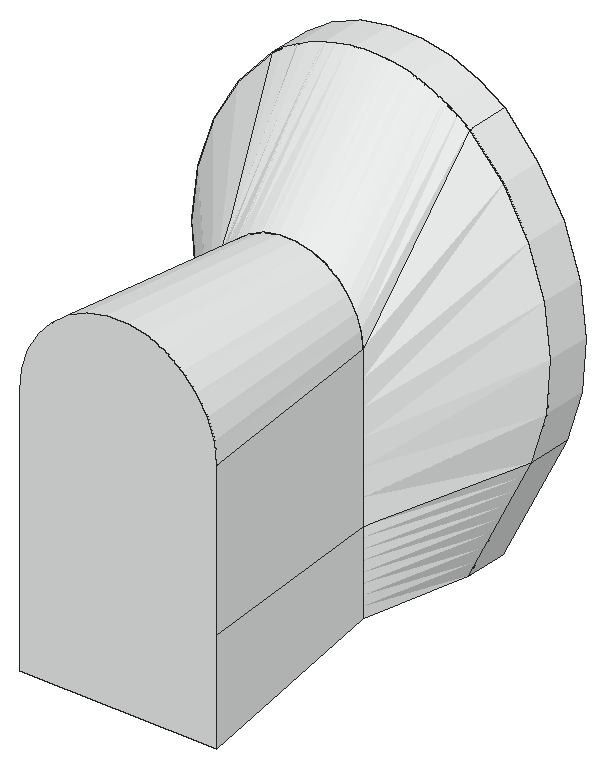
Revit family "Bacia_Val", category Plumbing Fixtures, host Face, Revit 2020
Family settings
  Host = Face
  Round Connector Dimension = Use Radius
  Part Type = Normal
  Cut with Voids When Loaded = No
  Shared = No
  Room Calculation Point = No
Parameters
  WFU = 0
  URL = ""
  Raio Água Fria = 20 mm  # constant formula
  Raio Ponto de Esgoto = 50 mm  # constant formula
  Pressão = "2 a 40 mca"  # constant formula
  Model = ""
  Material Bacia = CT_Louças_Sanitárias
  Manufacturer = ""
  Flow Pressure = 0.00 psi
  Diâmetro Água Fria = Raio Água Fria * 2  # 40 mm
  Diâmetro Ponto de Esgoto = Raio Ponto de Esgoto * 2  # 100 mm
  Description = "Bacia sanitária Válvula de pressão"
  Default Elevation = 0 mm
  Código = ""
  Consumo = "6 lpf"  # constant formula
  CWFU = 0
  Assembly Code = "D2010110"
  Acompanha o Produto = ""
Reference planes
  plane 1 "Center (Front/Back)": y = 0
  plane 2: z = 0
  plane 3 "Center (Left/Right)": x = 0
  plane 4 "Top 2": y = 380
  plane 5 "Front 3": z = 573.75
  plane 6 "Front 1": z = 100
  plane 7 "Left 1": x = -187.322
  plane 8 "Right 1": x = 187.322
  plane 9 "Front 2": z = 260.003
  plane 10 "Top 1": y = 330
Forms (mm)
  Extrusion 1, solid, material "CT_Louças_Sanitárias" <- "Material Bacia", not visible
    sketch origin (0, 0, 122.514) x (1, 0, 0) y (0, 0, 1)
      loop
        circle (0, 137.486) r 50
    from 0 to -5.298
  Extrusion 2, solid, material "CT_Louças_Sanitárias" <- "Material Bacia", not visible
    sketch origin (0, 0, 0) x (1, 0, 0) y (0, 1, 0)
      loop
        circle (0, 330) r 19.05
    from 0 to -7.354
  Blend 3, solid, material "CT_Louças_Sanitárias" <- "Material Bacia"
    base sketch origin (0, 0, 0) x (1, 0, 0) y (0, 0, 1)
      loop
        line (-102.9, 368.106) -> (-102.9, 206.479) -> (-102.9, 106.479) -> (102.9, 106.479) -> (102.9, 212.233) -> (102.9, 370.942)
        arc (102.9, 370.942) -> (-1.398, 471.016) -> (-102.9, 368.106) r 102.919
    top sketch origin (0, 0, 0) x (1, 0, 0) y (0, 0, 1)
      loop
        line (-78.166, 373.106) -> (-78.166, 208.148) -> (-78.166, 122.542) -> (78.166, 122.542) -> (78.166, 208.148) -> (78.166, 373.106)
        arc (78.166, 373.106) -> (0, 451.272) -> (-78.166, 373.106) r 78.166
    from 0 to -220.356
  Blend 4, solid, material "CT_Louças_Sanitárias" <- "Material Bacia"
    base sketch origin (0, 0, 0) x (1, 0, 0) y (0, 0, 1)
      loop
        line (-78.166, 373.106) -> (-78.166, 208.148) -> (-78.166, 122.542) -> (78.166, 122.542) -> (78.166, 208.148) -> (78.166, 373.106)
        arc (78.166, 373.106) -> (0, 451.272) -> (-78.166, 373.106) r 78.166
    top sketch origin (0, 0, 0) x (1, 0, 0) y (0, 0, 1)
      loop
        arc (167.737, 251.688) -> (181.279, 406.351) -> (102.635, 540.212) r 255.054
        arc (102.635, 540.212) -> (0, 576.532) -> (-102.635, 540.212) r 163.175
        arc (-102.635, 540.212) -> (-181.279, 406.351) -> (-167.737, 251.688) r 255.054
        line (-167.737, 251.688) -> (-101.412, 122.542) -> (101.412, 122.542) -> (167.737, 251.688)
    from -220.356 to -329.579
  Extrusion 5, solid, material "CT_Louças_Sanitárias" <- "Material Bacia"
    sketch origin (0, 0, 0) x (1, 0, 0) y (0, 0, 1)
      loop
        arc (-102.635, 540.212) -> (-181.279, 406.351) -> (-167.737, 251.688) r 255.054
        line (-167.737, 251.688) -> (-101.412, 122.542) -> (101.412, 122.542) -> (167.737, 251.688)
        arc (167.737, 251.688) -> (181.279, 406.351) -> (102.635, 540.212) r 255.054
        arc (102.635, 540.212) -> (0, 576.532) -> (-102.635, 540.212) r 163.175
      loop
        arc (-70.243, 502.095) -> (-137.534, 350.065) -> (-70.025, 198.131) r 205.054
        arc (-70.025, 198.131) -> (0, 173.231) -> (70.025, 198.131) r 110.912
        arc (70.025, 198.131) -> (137.534, 350.065) -> (70.243, 502.095) r 205.054
        arc (70.243, 502.095) -> (0, 526.532) -> (-70.243, 502.095) r 113.175
    from -375 to -329.579
Lines and regions (mm)
  Masking region 1
    outline origin (0, 858.346, -21.126) x (0, 1, 0) y (0, 0, 1)
      loop
        arc (-646.235, 494.127) -> (-676.865, 475.541) -> (-712.546, 472.297) r 79.476
        line (-712.546, 472.297) -> (-853.719, 491.713)
        arc (-853.719, 491.713) -> (-856.668, 491.001) -> (-858.346, 488.473) r 4.154
        line (-858.346, 488.473) -> (-858.346, 128.473)
        arc (-858.346, 128.473) -> (-857.318, 125.991) -> (-854.835, 124.962) r 3.511
        line (-854.835, 124.962) -> (-679.276, 135.502)
        arc (-679.276, 135.502) -> (-658.714, 139.719) -> (-640.163, 149.54) r 74
        arc (-640.163, 149.54) -> (-637.452, 150.916) -> (-634.452, 151.415) r 10.004
        line (-634.452, 151.415) -> (-565.007, 151.415)
        arc (-565.007, 151.415) -> (-564.686, 148.634) -> (-562.211, 147.328) r 3
        line (-562.211, 147.328) -> (-481.196, 147.328)
        arc (-481.196, 147.328) -> (-479.181, 148.163) -> (-478.346, 150.178) r 2.85
        line (-478.346, 150.178) -> (-478.346, 593.057)
        arc (-478.346, 593.057) -> (-479.254, 595.249) -> (-481.445, 596.156) r 3.099
        arc (-481.445, 596.156) -> (-572.237, 558.703) -> (-646.235, 494.127) r 302.364
  Masking region 2
    outline origin (-747.05, -8.528, 0) x (1, 0, 0) y (0, 1, 0)
      loop
        line (647.88, 8.528) -> (747.05, 8.528) -> (846.22, 8.528)
        arc (846.22, 8.528) -> (849.234, 10.17) -> (849.811, 13.554) r 3.933
        line (849.811, 13.554) -> (847.538, 29.616) -> (845.915, 34.925) -> (825.517, 179.067)
        arc (825.517, 179.067) -> (826.577, 196.52) -> (834.386, 212.165) r 43.751
        arc (834.386, 212.165) -> (896.668, 291.728) -> (934.586, 385.383) r 362.734
        arc (934.586, 385.383) -> (933.814, 387.46) -> (931.872, 388.528) r 3.179
        line (931.872, 388.528) -> (747.05, 388.528) -> (562.228, 388.528)
        arc (562.228, 388.528) -> (560.286, 387.46) -> (559.514, 385.383) r 3.179
        arc (559.514, 385.383) -> (597.433, 291.728) -> (659.714, 212.165) r 362.734
        arc (659.714, 212.165) -> (667.524, 196.52) -> (668.583, 179.067) r 43.751
        line (668.583, 179.067) -> (648.185, 34.925) -> (646.562, 29.616) -> (644.289, 13.554)
        arc (644.289, 13.554) -> (644.866, 10.17) -> (647.88, 8.528) r 3.933
  Masking region 3
    outline origin (0, 330, 0) x (-1, 0, 0) y (0, 0, 1)
      loop
        arc (107.126, 133.655) -> (146.468, 206.339) -> (176.858, 283.196) r 691.544
        arc (176.858, 283.196) -> (188.038, 353.196) -> (176.858, 423.196) r 224.734
        arc (176.858, 423.196) -> (142.268, 490.784) -> (88.572, 544.462) r 243.914
        arc (88.572, 544.462) -> (2.006, 573.263) -> (-85.302, 546.795) r 150.581
        arc (-85.302, 546.795) -> (-141.074, 492.401) -> (-176.851, 423.196) r 243.914
        arc (-176.851, 423.196) -> (-188.031, 353.196) -> (-176.851, 283.196) r 224.734
        arc (-176.851, 283.196) -> (-146.461, 206.339) -> (-107.119, 133.655) r 691.544
        arc (-107.119, 133.655) -> (-96.974, 125.83) -> (-84.578, 122.59) r 32.133
        line (-84.578, 122.59) -> (-74.586, 122.59)
        arc (-74.586, 122.59) -> (-62.545, 110.932) -> (-47.022, 104.614) r 44.069
        arc (-47.022, 104.614) -> (0.003, 100.008) -> (47.029, 104.613) r 242.379
        arc (47.029, 104.613) -> (62.552, 110.932) -> (74.594, 122.59) r 44.069
        line (74.594, 122.59) -> (81.058, 122.59)
        arc (81.058, 122.59) -> (95.377, 125.096) -> (107.126, 133.655) r 32.133
  symbolic lines
    curve 1: arc (-24.727, 0, 103.174) -> (-35.584, 0, 109.273) -> (-39.889, 0, 120.957) r 18.01
    curve 2: arc (24.991, 0, 103.174) -> (0.132, 0, 101.197) -> (-24.727, 0, 103.174) r 157.242
    curve 3: arc (40.154, 0, 120.957) -> (35.849, 0, 109.273) -> (24.991, 0, 103.174) r 18.01
    curve 4: line (-74.458, 0, 122.542) -> (74.54, 0, 122.542)
    curve 5: line (-39.889, 0, 120.957) -> (-39.889, 0, 122.542)
    curve 6: line (40.154, 0, 120.957) -> (40.154, 0, 122.542)
    curve 7: arc (0, 367, 126.078) -> (0, 364.879, 126.957) -> (0, 364, 129.078) r 3
    curve 8: line (0, 364, 220.731) -> (0, 364, 129.078)
    curve 9: line (0, 294.127, 196.205) -> (0, 294.127, 145.111)
    curve 10: line (0, 294.127, 145.111) -> (0, 234.854, 145.111)
    curve 11: arc (0, 248.635, 188.119) -> (0, 245.106, 165.538) -> (0, 234.854, 145.111) r 74
    curve 12: arc (0, 225.89, 241.495) -> (0, 242.712, 217.129) -> (0, 248.635, 188.119) r 74
    curve 13: line (0, 267.161, 221.081) -> (0, 294.127, 196.205)
    curve 14: arc (0, 234.372, 231.794) -> (0, 195.251, 269.713) -> (0, 153.45, 304.656) r 741.271
    curve 15: arc (0, 153.45, 304.656) -> (0, 152.939, 307.258) -> (0, 155.448, 308.117) r 2.016
    curve 16: arc (0, 155.448, 308.117) -> (0, 213.117, 266.925) -> (0, 267.161, 221.081) r 851.615
    curve 17: arc (0, 155.448, 308.117) -> (0, 145.743, 312.555) -> (0, 135.161, 313.934) r 35.78
    curve 18: arc (0, 135.161, 313.934) -> (0, 104.536, 314.293) -> (0, 74.206, 310.036) r 202.747
    curve 19: line (0, 74.206, 310.036) -> (0, 29.316, 306.896)
    curve 20: line (0, 29.316, 306.896) -> (0, 29.316, 205.995)
    curve 21: arc (0, 29.316, 205.995) -> (0, 34.972, 182.434) -> (0, 50.709, 164.008) r 51.899
    curve 22: arc (0, 50.709, 164.008) -> (0, 71.476, 152.018) -> (0, 94.282, 144.608) r 114.704
    curve 23: arc (0, 94.282, 144.608) -> (0, 67.619, 151.774) -> (0, 44.453, 166.794) r 88.677
    curve 24: arc (0, 44.453, 166.794) -> (0, 30.469, 186.01) -> (0, 25.545, 209.26) r 56.947
    curve 25: line (0, 25.545, 209.26) -> (0, 25.545, 331.649)
    curve 26: line (0, 173.526, 192.687) -> (0, 99.932, 254.275)
    curve 27: arc (0, 99.932, 254.275) -> (0, 77.982, 279.119) -> (0, 64.374, 309.348) r 110.677
    curve 28: arc (0, 98.089, 230.708) -> (0, 66.54, 265.51) -> (0, 46.762, 308.116) r 156.231
    curve 29: line (0, 98.089, 230.708) -> (0, 145.351, 192.495)
    curve 30: arc (0, 145.351, 192.495) -> (0, 157.169, 185.948) -> (0, 170.512, 183.825) r 39.009
    curve 31: arc (0, 170.512, 183.825) -> (0, 175.056, 187.224) -> (0, 173.526, 192.687) r 5.018
    curve 32: line (0, 25.545, 209.26) -> (0, 25.545, 139.26)
    curve 33: arc (0, 25.545, 139.26) -> (0, 35.002, 116.43) -> (0, 57.832, 106.973) r 32.286
    curve 34: arc (-45.953, 170.56, 0) -> (0.012, 164.446, 0) -> (45.976, 170.56, 0) r 175.828
Dimensions and locks
  plane 4 "Top 2" to plane 1 "Center (Front/Back)" = 380 mm
  plane 5 "Front 3" to plane 2 = 573.75 mm
  plane 1 "Center (Front/Back)" to plane 4 "Top 2" = 380 mm
  plane 5 "Front 3" to plane 6 "Front 1" to host face = 473.75 mm, 100 mm  (x2)
  plane 5 "Front 3" to host face = 573.75 mm
  plane 7 "Left 1" to plane 8 "Right 1" = 374.644 mm  (x2)
  aligned and locked: host face to plane 2
  aligned and locked: level to host face
Connectors
  piping at (0, 0, 260), diameter 100, driven by "Raio Ponto de Esgoto", driven by "WFU"
    settings: on Extrusion 1, index 1, connector inside diameter 3.93701", connector length 0 mm, flow factor 0, pipe flow 0 GPM, pressure drop 0.00 psi, fitting loss kfactor 0, connector angle 0.00°, fixture units 0, engagement length 0 mm, angle of deflection 0.00°, flow configuration 3, flow direction 2, fitting loss method 0, system type 16, joint type 0, gender type 0, connector reference index -1, connector utility 0, adjustable connector no, is connector primary yes, connector description ""
  piping at (0, 330, 0), diameter 40, driven by "Raio Água Fria", driven by "Flow Pressure", driven by "CWFU"
    settings: on Extrusion 2, index 2, connector inside diameter 1.5748", connector length 0 mm, flow factor 0, pipe flow 0 GPM, pressure drop 0.00 psi, fitting loss kfactor 0, connector angle 0.00°, fixture units 0, engagement length 0 mm, angle of deflection 0.00°, flow configuration 3, flow direction 1, fitting loss method 4, system type 20, joint type 0, gender type 0, connector reference index -1, connector utility 0, adjustable connector no, is connector primary no, connector description ""
